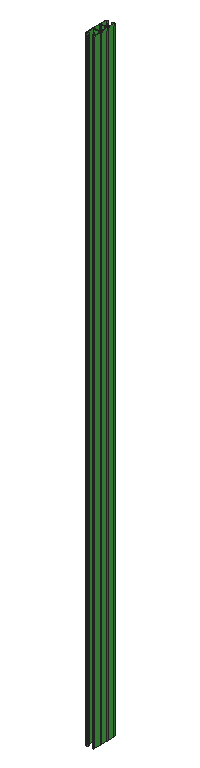
Revit family "P1001_3_Column", category Structural Columns, Revit 2020
Family settings
  Section Shape = Not Defined
  Material for Model Behavior = Other
  Always export as geometry = No
  Beam cutback in plan = From bounding box
  OmniClass Number = 23.25.30.11.14.11
  OmniClass Title = Columns
  Cut with Voids When Loaded = No
  Symbolic Representation = From Project Settings
  Shared = Yes
  Show family pre-cut in plan views = Yes
Parameters (values of type "P1001-3 GR")
  Weight [instance] = Unit Weight * Length  # 57.000 lbm
  Unit Weight = 5.700 lb/ft
  URL = "https://www.atkore.com/products/strut-and-fittings/p1001-3"
  UPC-20ft = "\"786364014227\""
  UPC-10ft = "N/A"
  Structural Material = Green
  Salsify ID6 = ""
  Salsify ID5 = ""
  Salsify ID4 = ""
  Salsify ID3 = ""
  Salsify ID2 = ""
  Salsify ID1 = "US-P1001-3"
  Power-Strut Part Number = ""
  Part Number = "P1001-3 GR"
  Model = "P1001-3"
  Manufacturer = "Atkore Unistrut"
  Length [instance] = 120.000"
  Height = 4.875"
  Disclaimer = ""
  Description = "P1001-3 - Column - 1-5/8\" x 4 7/8\", 12 Gauge, Triple Combination"
  Cut Length [instance] = Length  # 120.000"
  Assembly Code = "B10"
Types (5): name | Weight | Unit Weight | UPC-20ft | UPC-10ft | Structural Material | Part Number
  P1001-3 PL | 56.600 lbm | 5.660 lb/ft | "\"786364014258\"" | "\"786364014210\"" | Plain | "P1001-3 PL"
  P1001-3 HG | 57.000 lbm | 5.700 lb/ft | "\"786364014234\"" | "\"786364014197\"" | Hot Dip Galvanized | "P1001-3 HG"
  P1001-3 GR | 57.000 lbm | 5.700 lb/ft | "\"786364014227\"" | "N/A" | Green | "P1001-3 GR"
  P1001-3 PG | 56.600 lbm | 5.660 lb/ft | "\"786364014241\"" | "\"786364014203\"" | Pre-Galvanized | "P1001-3 PG"
  P1001-3 SS | 57.000 lbm | 5.700 lb/ft | "\"0\"" | "N/A" | Stainless Steel | "P1001-3 SS"
Reference planes (in)
  plane 1 "Center (Front/Back)": y = 0
  plane 2: z = 0
  plane 3 "Center (Left/Right)": x = 0
  plane 4 "B": y = 2.4375
  plane 5: y = -2.4375
  plane 6: x = -0.8125
  plane 7: x = 0.8125
  plane 8: z = 60
Forms (in)
  Sweep 1, solid, material "Green" <- "Structural Material", detail levels medium
    path origin (34.47321, 2.4375, 90) x (1, 0, 0) y (0, 0, 1)
      loop
        line (-34.47321, -90) -> (-34.47321, 30)
    profile "Single Channel Profiles Medium : P1000" origin (0, 2.4375, 60) x (-1, 0, 0) y (0, -1, 0)
      loop
        line (0.71407, 1.625) -> (0.71407, 3.15157) -> (-0.71407, 3.15157) -> (-0.71407, 1.625) -> (0.71407, 1.625)
      loop
        line (-0.8125, 0) -> (-0.71407, 0) -> (-0.71407, 1.52657) -> (0.71407, 1.52657) -> (0.71407, 0) -> (0.8125, 0) -> (0.8125, 1.625) -> (0.8125, 3.25) -> (0.8125, 4.875) -> (0.71407, 4.875) -> (0.71407, 3.34843) -> (-0.71407, 3.34843) -> (-0.71407, 4.875) -> (-0.8125, 4.875) -> (-0.8125, 3.25) -> (-0.8125, 1.625) -> (-0.8125, 0)
  Sweep 2, solid, material "Green" <- "Structural Material", detail levels fine
    path origin (34.47321, 2.4375, 90) x (1, 0, 0) y (0, 0, 1)
      loop
        line (-34.47321, 30) -> (-34.47321, -90)
    profile "Single Channel Profiles : P1000" origin (0, 2.4375, 60) x (1, 0, 0) y (0, -1, 0)
      loop
        line (-0.51772, 1.90059) -> (-0.41929, 1.90059) -> (-0.41929, 1.78622)
        arc (-0.41929, 1.78622) -> (-0.46651, 1.67222) -> (-0.58051, 1.625) r 0.16122
        line (-0.58051, 1.625) -> (0.58051, 1.625)
        arc (0.58051, 1.625) -> (0.46651, 1.67222) -> (0.41929, 1.78622) r 0.16122
        line (0.41929, 1.78622) -> (0.41929, 1.90059) -> (0.51772, 1.90059) -> (0.51772, 1.78596)
        arc (0.51772, 1.78596) -> (0.53617, 1.74141) -> (0.58071, 1.72296) r 0.06299
        line (0.58071, 1.72296) -> (0.62008, 1.72296)
        arc (0.62008, 1.72296) -> (0.68689, 1.75064) -> (0.71457, 1.81745) r 0.09449
        line (0.71457, 1.81745) -> (0.71457, 3.08858)
        arc (0.71457, 3.08858) -> (0.69612, 3.13312) -> (0.65157, 3.15157) r 0.06299
        line (0.65157, 3.15157) -> (-0.65157, 3.15157)
        arc (-0.65157, 3.15157) -> (-0.69612, 3.13312) -> (-0.71457, 3.08858) r 0.06299
        line (-0.71457, 3.08858) -> (-0.71457, 1.81745)
        arc (-0.71457, 1.81745) -> (-0.68689, 1.75064) -> (-0.62008, 1.72296) r 0.09449
        line (-0.62008, 1.72296) -> (-0.58071, 1.72296)
        arc (-0.58071, 1.72296) -> (-0.53617, 1.74141) -> (-0.51772, 1.78596) r 0.06299
        line (-0.51772, 1.78596) -> (-0.51772, 1.90059)
      loop
        line (-0.51772, 0.27559) -> (-0.51772, 0.16096)
        arc (-0.51772, 0.16096) -> (-0.53617, 0.11641) -> (-0.58071, 0.09796) r 0.06299
        line (-0.58071, 0.09796) -> (-0.62008, 0.09796)
        arc (-0.62008, 0.09796) -> (-0.68689, 0.12564) -> (-0.71457, 0.19245) r 0.09449
        line (-0.71457, 0.19245) -> (-0.71457, 1.46358)
        arc (-0.71457, 1.46358) -> (-0.69612, 1.50812) -> (-0.65157, 1.52657) r 0.06299
        line (-0.65157, 1.52657) -> (0.65157, 1.52657)
        arc (0.65157, 1.52657) -> (0.69612, 1.50812) -> (0.71457, 1.46358) r 0.06299
        line (0.71457, 1.46358) -> (0.71457, 0.19245)
        arc (0.71457, 0.19245) -> (0.68689, 0.12564) -> (0.62008, 0.09796) r 0.09449
        line (0.62008, 0.09796) -> (0.58071, 0.09796)
        arc (0.58071, 0.09796) -> (0.53617, 0.11641) -> (0.51772, 0.16096) r 0.06299
        line (0.51772, 0.16096) -> (0.51772, 0.27559) -> (0.41929, 0.27559) -> (0.41929, 0.16122)
        arc (0.41929, 0.16122) -> (0.46651, 0.04722) -> (0.58051, 0) r 0.16122
        line (0.58051, 0) -> (0.62008, 0)
        arc (0.62008, 0) -> (0.75649, 0.0565) -> (0.81299, 0.19291) r 0.19291
        line (0.81299, 0.19291) -> (0.81299, 1.46358)
        arc (0.81299, 1.46358) -> (0.76571, 1.57772) -> (0.65157, 1.625) r 0.16142
        line (0.65157, 1.625) -> (0.62008, 1.625)
        arc (0.62008, 1.625) -> (0.75649, 1.6815) -> (0.81299, 1.81791) r 0.19291
        line (0.81299, 1.81791) -> (0.81299, 3.08858)
        arc (0.81299, 3.08858) -> (0.76571, 3.20272) -> (0.65157, 3.25) r 0.16142
        arc (0.65157, 3.25) -> (0.76571, 3.29728) -> (0.81299, 3.41142) r 0.16142
        line (0.81299, 3.41142) -> (0.81299, 4.68209)
        arc (0.81299, 4.68209) -> (0.75649, 4.8185) -> (0.62008, 4.875) r 0.19291
        line (0.62008, 4.875) -> (0.58051, 4.875)
        arc (0.58051, 4.875) -> (0.46651, 4.82778) -> (0.41929, 4.71378) r 0.16122
        line (0.41929, 4.71378) -> (0.41929, 4.59941) -> (0.51772, 4.59941) -> (0.51772, 4.71404)
        arc (0.51772, 4.71404) -> (0.53617, 4.75859) -> (0.58071, 4.77704) r 0.06299
        line (0.58071, 4.77704) -> (0.62008, 4.77704)
        arc (0.62008, 4.77704) -> (0.68689, 4.74936) -> (0.71457, 4.68255) r 0.09449
        line (0.71457, 4.68255) -> (0.71457, 3.41142)
        arc (0.71457, 3.41142) -> (0.69612, 3.36688) -> (0.65157, 3.34843) r 0.06299
        line (0.65157, 3.34843) -> (-0.65157, 3.34843)
        arc (-0.65157, 3.34843) -> (-0.69612, 3.36688) -> (-0.71457, 3.41142) r 0.06299
        line (-0.71457, 3.41142) -> (-0.71457, 4.68255)
        arc (-0.71457, 4.68255) -> (-0.68689, 4.74936) -> (-0.62008, 4.77704) r 0.09449
        line (-0.62008, 4.77704) -> (-0.58071, 4.77704)
        arc (-0.58071, 4.77704) -> (-0.53617, 4.75859) -> (-0.51772, 4.71404) r 0.06299
        line (-0.51772, 4.71404) -> (-0.51772, 4.59941) -> (-0.41929, 4.59941) -> (-0.41929, 4.71378)
        arc (-0.41929, 4.71378) -> (-0.46651, 4.82778) -> (-0.58051, 4.875) r 0.16122
        line (-0.58051, 4.875) -> (-0.62008, 4.875)
        arc (-0.62008, 4.875) -> (-0.75649, 4.8185) -> (-0.81299, 4.68209) r 0.19291
        line (-0.81299, 4.68209) -> (-0.81299, 3.41142)
        arc (-0.81299, 3.41142) -> (-0.76571, 3.29728) -> (-0.65157, 3.25) r 0.16142
        arc (-0.65157, 3.25) -> (-0.76571, 3.20272) -> (-0.81299, 3.08858) r 0.16142
        line (-0.81299, 3.08858) -> (-0.81299, 1.81791)
        arc (-0.81299, 1.81791) -> (-0.75649, 1.6815) -> (-0.62008, 1.625) r 0.19291
        line (-0.62008, 1.625) -> (-0.65157, 1.625)
        arc (-0.65157, 1.625) -> (-0.76571, 1.57772) -> (-0.81299, 1.46358) r 0.16142
        line (-0.81299, 1.46358) -> (-0.81299, 0.19291)
        arc (-0.81299, 0.19291) -> (-0.75649, 0.0565) -> (-0.62008, 0) r 0.19291
        line (-0.62008, 0) -> (-0.58051, 0)
        arc (-0.58051, 0) -> (-0.46651, 0.04722) -> (-0.41929, 0.16122) r 0.16122
        line (-0.41929, 0.16122) -> (-0.41929, 0.27559) -> (-0.51772, 0.27559)
Dimensions and locks (in)
  "Length": level to level
  equal spacing: level, plane 8, level
  equal spacing: plane 6, plane 3 "Center (Left/Right)", plane 7
  equal spacing: plane 5, plane 1 "Center (Front/Back)", plane 4 "B"
  "Height": plane 5 to plane 4 "B"
  plane 6 to plane 7 = 1.625"
  aligned and locked: level to plane 2
  aligned and locked: level to Sweep 1 sketch curve  (x2)
  aligned and locked: plane 3 "Center (Left/Right)" to Sweep 1 sketch curve
  aligned and locked: level to Sweep 2 sketch curve  (x2)
  aligned and locked: Sweep 2 sketch curve to plane 3 "Center (Left/Right)"
  aligned and locked: plane 1 "Center (Front/Back)" to nested 1
  aligned and locked: plane 3 "Center (Left/Right)" to nested 1
Nested families (in)
  nested 1: "Vertical Support Symbol" at (0, 0, 0), type "Vertical Support Symbol", detail levels coarse
Definition of nested family "Vertical Support Symbol"
  Parameters (values of type "Vertical Support Symbol")
    Symbol Scale = 1
  Reference planes (in)
    plane 1: y = 0
    plane 2: x = 0
